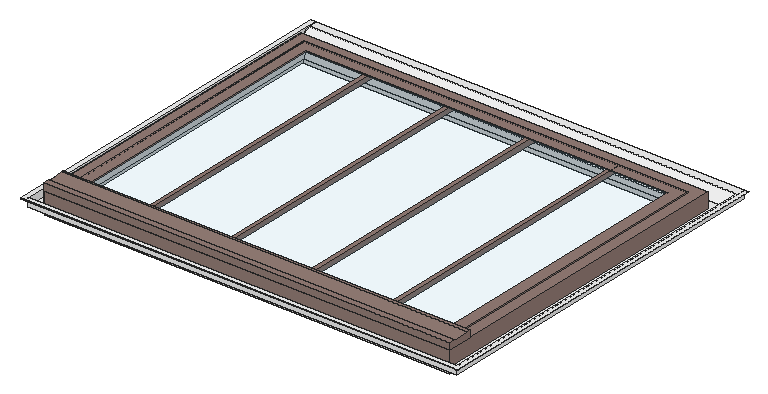
Revit family "WSL_A3-Roof-Light-(1)", category Windows, host Roof, Revit 2016
Family settings
  Host = Roof
  Always vertical = No
  Cut with Voids When Loaded = No
  Shared = No
  Room Calculation Point = No
Parameters (values of type "2500mm Long with 4 Bars")
  Vis - Vert Bar = yes
  Vis - Ironmongery = yes
  Vert Bar Thickness = 25.00 mm
  Upstand = 50.00 mm
  Rough Width = Width  # 2500.00 mm
  Rough Height = Height  # 1980.00 mm
  Operation = "SinglePanel"
  No of Vert Bars = 4
  Material Sash = Window Frame
  Material Ironmongery = Metal - Aluminium
  Material Flashing = Metal - Lead
  Material Glass = Glass
  Keynote = "L10/460"
  Height = 1980.00 mm
  Type Comments = ""
  Width = 2500.00 mm
  Material Frame = Metal - Bronze,LightBrush
  Assembly Code = ""
Types (2, lengths in mm): name | Rough Width | No of Vert Bars | Width
  2500mm Long with 4 Bars | 2500.00 | 4 | 2500.00
  3500mm Long with 6 Bars | 3500.00 | 6 | 3500.00
Reference planes
  plane 1 "Roof": z = 3657.6
  plane 2 "Top": y = -1077.596
  plane 3 "Bottom": y = 902.404
  plane 4 "Face": z = 3907.6
  plane 5 "Center (Front/Back)": y = -87.596
  plane 6: x = 1763.913
  plane 7: x = -736.087
  plane 8 "Center Right/Left": x = 513.913
  plane 9: x = 1838.913
  plane 10: y = 977.404
  plane 11: x = -811.087
  plane 12: z = 3862.6
  plane 13: y = -1117.596
Forms (mm)
  Extrusion 1, void
    sketch origin (0, 0, 3657.6) x (1, 0, 0) y (0, 1, 0)
      loop
        line (1763.913, -1077.596) -> (1763.913, 902.404) -> (-736.087, 902.404) -> (-736.087, -1077.596) -> (1763.913, -1077.596)
    from 0 to 250
  Blend 2, void
    base sketch origin (0, 0, 3907.6) x (-1, 0, 0) y (0, -1, 0)
      loop
        line (-1838.913, 1117.596) -> (-1838.913, -977.404) -> (811.087, -977.404) -> (811.087, 1117.596) -> (-1838.913, 1117.596)
    top sketch origin (0, 0, 3907.6) x (-1, 0, 0) y (0, -1, 0)
      loop
        line (-1838.913, 1117.596) -> (-1838.913, -1054.573) -> (811.087, -1054.573) -> (811.087, 1117.596) -> (-1838.913, 1117.596)
    from -45 to 0
  Sweep 3, solid, material "Metal - Bronze,LightBrush" <- "Material Frame"
    path origin (1027.826, -362.092, 3657.6) x (-1, 0, 0) y (0, -1, 0)
      loop
        line (-811.087, 790.504) -> (-811.087, -1338.876) -> (1838.913, -1338.876) -> (1838.913, 790.504) -> (-811.087, 790.504)
    profile origin (1838.913, -87.906, 3657.6) x (-1, 0, 0) y (0, 0, 1)
      loop
        line (72.567, 210) -> (72.567, 300) -> (142.567, 300) -> (142.567, 307.067) -> (207.567, 307.067) -> (207.567, 310.067) -> (139.567, 310.067) -> (139.567, 303) -> (69.567, 303) -> (69.567, 210) -> (72.567, 210)
  Extrusion 4, solid, material "Metal - Lead" <- "Material Flashing"
    sketch origin (1027.826, -362.092, 3907.6) x (0, -1, 0) y (1, 0, 0)
      loop
        line (-1414.496, 811.087) -> (-1414.496, -1838.913) -> (755.504, -1838.913) -> (755.504, 811.087) -> (-1414.496, 811.087)
      loop
        line (-1464.496, 836.087) -> (-1464.496, -1863.913) -> (780.504, -1863.913) -> (780.504, 836.087) -> (-1464.496, 836.087)
    from 0 to 3
  Extrusion 5, solid, material "Metal - Bronze,LightBrush" <- "Material Frame"
    sketch origin (513.913, 0, 0) x (0, -1, 0) y (0, 0, 1)
      loop
        line (1083.029, 3960.6) -> (1083.029, 4000.6) -> (1043.029, 4000.6) -> (1043.029, 3990.6) -> (943.896, 4000.6) -> (928.896, 4000.6) -> (928.896, 3960.6) -> (1083.029, 3960.6)
    from -1255.433 to 1255.433
  Extrusion 6, solid, material "Metal - Lead" <- "Material Flashing"
    sketch origin (513.913, -1877.073, 1219.2) x (0, -1, 0) y (0, 0, 1)
      loop
        line (-2929.477, 2688.4) -> (-2854.477, 2643.4) -> (-2779.477, 2643.4) -> (-2779.477, 2646.4) -> (-2853.646, 2646.4) -> (-2928.646, 2691.4) -> (-2929.477, 2691.4) -> (-2929.477, 2688.4)
      loop
        line (-759.477, 2691.4) -> (-762.341, 2691.4) -> (-762.341, 2646.4) -> (-799.477, 2646.4) -> (-799.477, 2643.4) -> (-759.477, 2643.4) -> (-759.477, 2691.4)
    from -1325 to 1325
  Extrusion 7, solid, material "Metal - Lead" <- "Material Flashing"
    sketch origin (1950.236, 977.404, 4876.8) x (1, 0, 0) y (0, 0, 1)
      loop
        line (-111.324, -966.2) -> (-114.324, -966.2) -> (-114.324, -1011.2) -> (-186.324, -1011.2) -> (-186.324, -1014.2) -> (-111.324, -1014.2) -> (-111.324, -966.2)
      loop
        line (-2761.324, -966.2) -> (-2761.324, -1014.2) -> (-2686.324, -1014.2) -> (-2686.324, -1011.2) -> (-2758.324, -1011.2) -> (-2758.324, -966.2) -> (-2761.324, -966.2)
    from -125 to 2095
Cuts and joins
  joined: Extrusion 4, Extrusion 6, Extrusion 7
Dimensions and locks
  host sketch curve to host sketch curve = 4240.00 mm
  host sketch curve to host sketch curve = 3048.00 mm
  equal spacing: plane 2 "Top", plane 5 "Center (Front/Back)", plane 3 "Bottom"
  "Height": plane 2 "Top" to plane 3 "Bottom"
  "Width": plane 6 to plane 7
  equal spacing: plane 7, plane 8 "Center Right/Left", plane 6
  locked: plane 9 to plane 6 at 75
  locked: plane 7 to plane 11 at 75
  plane 3 "Bottom" to plane 10 = 75.00 mm
  "Upstand": nested 1 to host roof
  locked: host roof to plane 12 at 45
  plane 13 to plane 2 "Top" = 40.00 mm
  plane 10 to Blend 2 sketch curve = 0.00 mm
  locked: plane 2 "Top" to Sweep 3 sketch curve at 75
  Sweep 3 sketch curve to nested 1 = 7.067 mm
  Sweep 3 sketch curve to plane 12 = 5.00 mm
  locked: plane 10 to Extrusion 4 sketch curve at 75
  locked: Extrusion 4 sketch curve to plane 13 at 25
  locked: Extrusion 4 sketch curve to Extrusion 4 sketch curve at 25  (x2)
  locked: Extrusion 4 sketch curve to Extrusion 4 sketch curve at 50
  Extrusion 6 sketch curve to Extrusion 6 sketch curve = 3.00 mm  (x2)
  cut or joined group of Extrusion 4, Extrusion 6, Extrusion 7 to plane 12 = 3.00 mm
  Extrusion 7 sketch curve to plane 11 = 3.00 mm
  locked: cut or joined group of Extrusion 4, Extrusion 6, Extrusion 7 to Blend 2 sketch curve at 3
  aligned and locked: level to plane 1 "Roof"
  aligned and locked: plane 4 "Face" to host roof
  aligned and locked: host roof to Extrusion 1
  aligned and locked: Extrusion 1 to plane 1 "Roof"
  aligned and locked: Sweep 3 sketch curve to plane 11
  aligned and locked: Sweep 3 sketch curve to nested 1
  aligned and locked: Extrusion 4 sketch curve to plane 9
  aligned and locked: Extrusion 4 sketch curve to plane 11
  aligned and locked: Extrusion 4 sketch curve to plane 13
  aligned and locked: Extrusion 5 sketch curve to Sweep 3
  aligned and locked: Extrusion 4 to Extrusion 6 sketch curve
  aligned and locked: plane 9 to Extrusion 6
  aligned and locked: plane 11 to Extrusion 6
  aligned and locked: nested 1 to Extrusion 7 sketch curve
  aligned and locked: Extrusion 7 sketch curve to cut or joined group of Extrusion 4, Extrusion 6, Extrusion 7  (x2)
  aligned and locked: Extrusion 6 sketch curve to cut or joined group of Extrusion 4, Extrusion 6, Extrusion 7
  aligned and locked: cut or joined group of Extrusion 4, Extrusion 6, Extrusion 7 to Extrusion 7 sketch curve
  aligned and locked: Extrusion 7 sketch curve to plane 9
  aligned and locked: plane 6 to Extrusion 7 sketch curve
  aligned and locked: Extrusion 7 sketch curve to plane 12
  aligned and locked: plane 11 to Extrusion 7 sketch curve
  aligned and locked: nested 1 to plane 8 "Center Right/Left"
  aligned and locked: nested 1 to plane 2 "Top"
  aligned and locked: plane 13 to cut or joined group of Extrusion 4, Extrusion 6, Extrusion 7
  aligned and locked: Extrusion 5 to Sweep 3  (x2)
  aligned and locked: Blend 2 to host roof
  aligned and locked: Blend 2 to plane 12
  aligned and locked: Blend 2 sketch curve to plane 10
Automatic sketch dimensions
  host sketch curve to host sketch curve = 4240.00 mm
  host sketch curve to host sketch curve = 3048.00 mm
  Extrusion 1 sketch curve to plane 2 "Top" = 0.00 mm
  Extrusion 1 sketch curve to plane 7 = 0.00 mm
  Extrusion 1 sketch curve to plane 3 "Bottom" = 0.00 mm
  Extrusion 1 sketch curve to plane 6 = 0.00 mm
  Blend 2 sketch curve to plane 9 = 0.00 mm  (x2)
  Blend 2 sketch curve to plane 11 = 0.00 mm  (x2)
  Blend 2 sketch curve to plane 13 = 0.00 mm  (x2)
  Sweep 3 sketch curve to plane 9 = 0.00 mm
  plane 10 to Sweep 3 sketch curve = 0.62 mm
  Sweep 3 sketch curve to profile plane = 69.567 mm
  Sweep 3 sketch curve to Sweep 3 sketch curve = 3.00 mm  (x4)
  Sweep 3 sketch curve to Sweep 3 sketch curve = 67.00 mm
  Sweep 3 sketch curve to Sweep 3 sketch curve = 65.00 mm
  plane 2 "Top" to Extrusion 5 sketch curve = 148.699 mm
  Extrusion 5 sketch curve to Extrusion 5 sketch curve = 15.00 mm
  plane 2 "Top" to Extrusion 5 sketch curve = 34.567 mm
  Extrusion 5 sketch curve to plane 2 "Top" = 5.433 mm
  Extrusion 5 sketch curve to Extrusion 5 sketch curve = 30.00 mm
  Extrusion 5 sketch curve to Extrusion 5 sketch curve = 10.00 mm
  Extrusion 5 sketch curve to Extrusion 5 sketch curve = 40.00 mm
  Extrusion 6 sketch curve to plane 4 "Face" = 0.00 mm
  Extrusion 6 sketch curve to plane 10 = 0.00 mm
  Extrusion 6 sketch curve to plane 3 "Bottom" = 0.00 mm
  Extrusion 6 sketch curve to plane 2 "Top" = 0.00 mm
  Extrusion 6 sketch curve to plane 13 = 0.00 mm
  Extrusion 6 sketch curve to plane 12 = 0.00 mm  (x2)
  Extrusion 6 sketch curve to plane 10 = 74.169 mm
  Extrusion 6 sketch curve to Extrusion 6 sketch curve = 2.864 mm
  plane 12 to Extrusion 6 sketch curve = 3.00 mm
  plane 9 to Extrusion 7 sketch curve = 3.00 mm
  plane 12 to Extrusion 7 sketch curve = 3.00 mm
  Extrusion 7 sketch curve to Extrusion 7 sketch curve = 3.00 mm
Nested families
  nested 1: "UK_Roof Light w Arrayed Bars" at (484.212, -1077.596, 3917.6) x (-1, 0, 0) z (0, 0, 1), type "UK_Roof Light w Arrayed Bars"
    with Width 2500.00 mm, Vert Bar Spacing 500.00 mm, No of Vert Bars 4, No of Spaces 5
Definition of nested family "UK_Roof Light w Arrayed Bars"
  Parameters
    Width = 1395.00 mm
    Vis - Vert Bar = yes
    Vis - Ironmongery = yes
    Vertical Bar Width = 25.00 mm
    Vert Bar Spacing = Width / No of Spaces  # 465.00 mm
    Vert Bar Length = Height - 134.00 mm - 77.00 mm  # 1769.00 mm
    No of Vert Bars = 2
    No of Spaces = No of Vert Bars + 1  # 3
    Material Vert Bar = none
    Material Ironmongery = none
    Material Glass = none
    Material Frame = none
    Height = 1980.00 mm
  Reference planes
    plane 1 "Center (Front/Back)": y = 0
    plane 2: z = 0
    plane 3 "Center (Left/Right)": x = -29.7
    plane 4: x = -727.2
    plane 5: x = 667.8
    plane 6: y = -1980
    plane 7: x = -577.2
    plane 8: x = 517.8
    plane 9: x = -262.2
    plane 10: x = 202.8
  Forms (mm)
    Sweep 1, solid, material <- "Material Frame"
      path origin (0, 0, 0) x (1, 0, 0) y (0, 1, 0)
        loop
          line (-727.2, 0) -> (-727.2, -1980) -> (667.8, -1980) -> (667.8, 0)
      profile origin (-29.7, -1980, 0) x (0, 1, 0) y (0, 0, 1)
        loop
          line (0, 30) -> (0, -95) -> (35, -95) -> (47.941, -46.704) -> (47.941, -6.704) -> (32.941, -6.704) -> (32.941, 30) -> (0, 30)
    Sweep 2, solid
      path origin (0, 0, 0) x (1, 0, 0) y (0, 1, 0)
        loop
          line (-727.2, -89.14) -> (-727.2, -1980) -> (667.8, -1980) -> (667.8, -89.14)
      profile origin (-29.7, -1980, 0) x (0, 1, 0) y (0, 0, 1)
        loop
          line (36.941, 30) -> (36.941, -2.704) -> (51.941, -2.704) -> (51.941, -35) -> (84.314, -35) -> (96.78, 15) -> (76.941, 15) -> (76.941, 30) -> (36.941, 30)
    Extrusion 3, solid, material <- "Material Frame"
      sketch origin (-29.7, 0, 0) x (0, 1, 0) y (0, 0, 1)
        loop
          line (0, 40) -> (-35, 40) -> (-35, 30) -> (-65, 30) -> (-65, -6.704) -> (-35, -6.704) -> (-35, -95) -> (0, -95) -> (0, 40)
      from -697.5 to 697.5
    Extrusion 4, solid
      sketch origin (-29.7, 0, 0) x (0, 1, 0) y (0, 0, 1)
        loop
          line (-136.512, -35) -> (-124.14, -35) -> (-124.14, -40) -> (-132.619, -40) -> (-132.619, -50) -> (-73.129, -50)
          arc (-73.129, -50) -> (-60.45, -47.189) -> (-50.148, -39.284) r 30
          line (-50.148, -39.284) -> (-46.553, -35) -> (-39, -35) -> (-39, -10.704) -> (-65, -10.704) -> (-65, -35) -> (-89.14, -35) -> (-89.14, 30) -> (-133.979, 30) -> (-133.979, 15) -> (-148.979, 15) -> (-136.512, -35)
      from -660.559 to 660.559
    Extrusion 5, solid, material <- "Material Glass"
      sketch origin (0, -2066.613, 50) x (0, -1, 0) y (1, 0, 0)
        loop
          line (-163.554, -650.259) -> (-163.554, 590.859) -> (-1932.634, 590.859) -> (-1932.634, -650.259) -> (-163.554, -650.259)
      from -35 to -11
    Extrusion 6, solid, material <- "Material Ironmongery", visible <- "Vis - Ironmongery"
      sketch origin (-577.2, 143.618, 1200) x (0, 1, 0) y (0, 0, 1)
        loop
          line (-227.758, -1250) -> (-257.758, -1250) -> (-257.758, -1270) -> (-227.758, -1278.038) -> (-227.758, -1250)
      from 2 to -2
    Extrusion 7, solid, material <- "Material Ironmongery", visible <- "Vis - Ironmongery"
      sketch origin (517.8, 182.43, 1200) x (0, 1, 0) y (0, 0, 1)
        loop
          line (-266.57, -1250) -> (-296.57, -1250) -> (-296.57, -1270) -> (-266.57, -1278.038) -> (-266.57, -1250)
      from 2 to -2
    Extrusion 8, solid, material <- "Material Ironmongery", visible <- "Vis - Ironmongery"
      sketch origin (-29.7, 0, 0) x (0, 1, 0) y (0, 0, 1)
        loop
          line (-122.14, -67.856) -> (-122.14, -71.998) -> (-76.14, -84.323) -> (-76.14, -80.182) -> (-122.14, -67.856)
      from 600.72 to -600.72
  Cuts and joins
    joined: Sweep 1, Extrusion 3
    joined: Sweep 2, Extrusion 4
  Dimensions and locks
    equal spacing: plane 4, plane 3 "Center (Left/Right)", plane 5
    "Width": plane 4 to plane 5
    "Height": plane 6 to plane 1 "Center (Front/Back)"
    Sweep 1 sketch curve to Sweep 1 sketch curve to Sweep 1 sketch curve to Sweep 1 sketch curve = 36.704 mm locked, 40.00 mm locked, 48.296 mm locked
    plane 6 to Sweep 1 sketch curve to Sweep 1 sketch curve to Sweep 1 sketch curve = 32.941 mm locked, 2.059 mm locked, 12.941 mm locked
    Extrusion 3 sketch curve to Extrusion 3 sketch curve to Extrusion 3 sketch curve = 10.00 mm locked, 36.704 mm locked
    locked: Extrusion 4 sketch curve to Extrusion 4 sketch curve at 80
    locked: plane 4 to plane 7 at 150
    locked: plane 8 to plane 5 at 150
    locked: Extrusion 8 sketch curve to Extrusion 8 sketch curve at 4
    locked: Extrusion 4 sketch curve to Extrusion 4 sketch curve at 44.839
    locked: Extrusion 4 sketch curve to plane 1 "Center (Front/Back)" at 89.14
    "Vert Bar Spacing": plane 4 to plane 9
    "Vert Bar Spacing": plane 10 to plane 5
    locked: nested 1 to Extrusion 5 at 4
    group 1 to group 2 = 465.00 mm
    group 1 to group 2 = 0.00 mm  (x2)
    locked: nested 2 to Extrusion 5 at 4
    aligned and locked: plane 5 to Extrusion 3
    aligned and locked: Extrusion 3 to plane 4
    aligned and locked: cut or joined group of Sweep 1, Extrusion 3 to Extrusion 4 sketch curve
    aligned and locked: Extrusion 4 to Sweep 2 sketch curve
    aligned and locked: Sweep 2 sketch curve to Extrusion 4
    aligned and locked: cut or joined group of Sweep 2, Extrusion 4 to Extrusion 4 sketch curve
    aligned and locked: cut or joined group of Sweep 1, Extrusion 3 to cut or joined group of Sweep 2, Extrusion 4
    aligned and locked: Extrusion 4 to Sweep 2
    aligned and locked: Sweep 2 to Extrusion 4
    aligned and locked: Extrusion 7 sketch curve to cut or joined group of Sweep 2, Extrusion 4
    aligned and locked: Extrusion 7 sketch curve to Extrusion 6  (x3)
    aligned and locked: Extrusion 8 sketch curve to Extrusion 7
    aligned and locked: Extrusion 8 to cut or joined group of Sweep 2, Extrusion 4
    aligned and locked: cut or joined group of Sweep 2, Extrusion 4 to Extrusion 8
    aligned and locked: nested 1 to plane 9
    aligned and locked: nested 1 to cut or joined group of Sweep 2, Extrusion 4
    aligned and locked: nested 2 to plane 10
    aligned and locked: nested 2 to cut or joined group of Sweep 2, Extrusion 4
  Automatic sketch dimensions
    Sweep 1 sketch curve to plane 4 = 0.00 mm
    Sweep 1 sketch curve to plane 5 = 0.00 mm
    Sweep 1 sketch curve to plane 6 = 0.00 mm
    Sweep 1 sketch curve to plane 1 "Center (Front/Back)" = 0.00 mm  (x2)
    Sweep 1 sketch curve to profile plane = 0.00 mm
    Extrusion 3 sketch curve to plane 1 "Center (Front/Back)" = 0.00 mm
    Extrusion 3 sketch curve to Extrusion 3 sketch curve = 30.00 mm
    Sweep 2 sketch curve to plane 4 = 0.00 mm
    Sweep 2 sketch curve to plane 5 = 0.00 mm
    Sweep 2 sketch curve to plane 6 = 0.00 mm
    Sweep 2 sketch curve to level = 2.704 mm
    Sweep 2 sketch curve to profile plane = 36.941 mm
    Sweep 2 sketch curve to Sweep 2 sketch curve = 15.00 mm  (x2)
    level to Sweep 2 sketch curve = 15.00 mm
    Sweep 2 sketch curve to Sweep 2 sketch curve = 25.00 mm
    Sweep 2 sketch curve to Sweep 2 sketch curve = 32.373 mm
    Sweep 2 sketch curve to Sweep 2 sketch curve = 19.839 mm
    Sweep 2 sketch curve to level = 35.00 mm
    plane 1 "Center (Front/Back)" to Extrusion 5 sketch curve = 133.979 mm
    plane 6 to Extrusion 5 sketch curve = 76.941 mm
    plane 4 to Extrusion 5 sketch curve = 76.941 mm
    Extrusion 5 sketch curve to plane 5 = 76.941 mm
    plane 1 "Center (Front/Back)" to Extrusion 3 sketch curve = 35.00 mm  (x2)
    Extrusion 3 sketch curve to level = 95.00 mm
    Extrusion 3 sketch curve to level = 6.704 mm
    Extrusion 6 sketch curve to level = 50.00 mm
    plane 1 "Center (Front/Back)" to Extrusion 6 sketch curve = 114.14 mm
    Extrusion 6 sketch curve to Extrusion 6 sketch curve = 30.00 mm
    Extrusion 6 sketch curve to Extrusion 6 sketch curve = 20.00 mm
    Extrusion 6 sketch curve to Extrusion 6 sketch curve = 28.038 mm
    Extrusion 8 sketch curve to level = 67.856 mm
    Extrusion 8 sketch curve to Extrusion 8 sketch curve = 46.00 mm
    Extrusion 4 sketch curve to Extrusion 4 sketch curve = 8.129 mm
    Extrusion 4 sketch curve to Extrusion 4 sketch curve = 35.00 mm
    Extrusion 4 sketch curve to Extrusion 4 sketch curve = 8.479 mm
    Extrusion 4 sketch curve to level = 35.00 mm  (x2)
    Extrusion 4 sketch curve to Extrusion 4 sketch curve = 3.894 mm
    Extrusion 4 sketch curve to Extrusion 4 sketch curve = 15.00 mm
    Extrusion 4 sketch curve to Extrusion 4 sketch curve = 14.852 mm
    Extrusion 4 sketch curve to Extrusion 4 sketch curve = 3.594 mm
    Extrusion 4 sketch curve to Extrusion 4 sketch curve = 7.553 mm
    Extrusion 4 sketch curve to Extrusion 4 sketch curve = 4.284 mm  (x2)
    Extrusion 4 sketch curve to Extrusion 4 sketch curve = 5.00 mm
    Extrusion 4 sketch curve to Extrusion 4 sketch curve = 10.716 mm
    Extrusion 4 sketch curve to level = 10.704 mm
    level to Extrusion 4 sketch curve = 15.00 mm
  Nested families
    nested 1: "RoofLight Vert Bar" at (-263.74, -133.979, 39), visible <- "Vis - Vert Bar", type "RoofLight Vert Bar"
      with Vert Bar Length 1769.00 mm
    nested 2: "RoofLight Vert Bar" at (201.26, -133.979, 39), visible <- "Vis - Vert Bar", type "RoofLight Vert Bar"
      with Vert Bar Length 1769.00 mm
  Definition of nested family "RoofLight Vert Bar"
    Parameters
      Vert Bar Thickness = 25.00 mm
      Vert Bar Length = 1000.00 mm
      Vert Bar Depth = 28.00 mm
      Material Vert Bar = none
    Reference planes
      plane 1 "Center (Front/Back)": y = 0
      plane 2: z = 0
      plane 3 "Center (Left/Right)": x = 1.54
      plane 4: x = -10.96
      plane 5: x = 14.04
      plane 6: y = -1000
      plane 7: z = 4
      plane 8: z = -24
    Forms (mm)
      Extrusion 1, solid, material <- "Material Vert Bar"
        sketch origin (-494.086, -1000, 1200) x (-1, 0, 0) y (0, 0, 1)
          loop
            line (-483.125, -1224) -> (-483.125, -1196) -> (-508.125, -1196) -> (-508.125, -1224) -> (-483.125, -1224)
        from 0 to 1000
    Dimensions and locks
      equal spacing: plane 4, plane 3 "Center (Left/Right)", plane 5
      "Vert Bar Thickness": plane 4 to plane 5
      "Vert Bar Length": plane 6 to plane 1 "Center (Front/Back)"
      plane 7 to level = 4.00 mm
      "Vert Bar Depth": plane 7 to plane 8
      aligned and locked: Extrusion 1 to plane 1 "Center (Front/Back)"
      aligned and locked: Extrusion 1 to plane 6
    Automatic sketch dimensions
      Extrusion 1 sketch curve to plane 5 = 0.00 mm
      Extrusion 1 sketch curve to plane 4 = 0.00 mm
      Extrusion 1 sketch curve to plane 8 = 0.00 mm
      Extrusion 1 sketch curve to plane 7 = 0.00 mm
